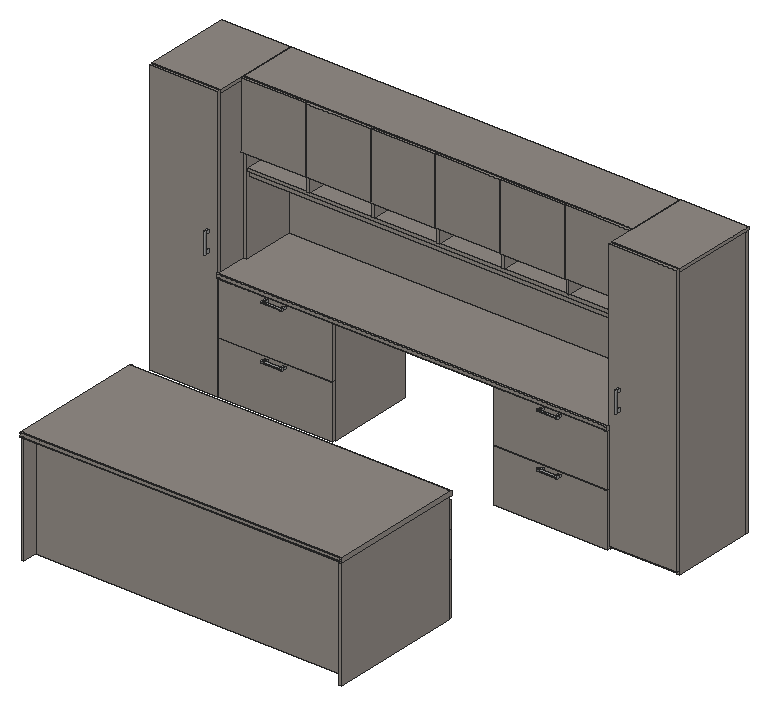
Revit family "JSI-Vision-Typical_Veneer-VST102-", category Furniture, Revit 2020
Family settings
  OmniClass Number = 23.40.20.00
  OmniClass Title = General Furniture and Specialties
  Work Plane-Based = No
  Always vertical = Yes
  Cut with Voids When Loaded = No
  Shared = No
  Room Calculation Point = No
Parameters (values of type "VST102")
  URL = "www.jsifurniture.com"
  Type Comments = "Typical Laminate"  # constant formula
  Model = "VST102"
  Manufacturer = "JSI"  # constant formula
  Keynote = "12500"
  Default Elevation = 0"
  Assembly Code = "E2020200"
Reference planes (in)
  plane 1 "Center Front/Back": y = 0
  plane 2: z = 0
  plane 3 "Center Left/Right": x = 0
Dimensions and locks (in)
  aligned and locked: level to plane 2
Nested families (in)
  nested 1: "JSI-Vision-Overhead_Cabinets_with_Cubbies" at (17.875, 0.125, -0.8125), type "VSV16102SOC, Veneer OH Cab. 16" x 102", 6 Doors w Cub"
    with Verticall Partition Distance 33.85417", Unit Centre 51", Width 102", Door Width Actual 16.83333", Door Array Spacing 16.95833", Door Width 16.83333", Bottom Partition Array Start Distance 16.89583", Bottom Partition Array Space 16.52083", Bottom Partition Array Distance 16.95833"
  nested 2: "JSI-Vision-Credenza_Top" at (17.875, 0, 28), type "VSV24102MCT - Veneer Credenza Top - 24" x 102""
    with Height 0", Width 102", Depth 24"
  nested 3: "JSI-Vision-Storage_Cabinet" at (119.875, 0.125, 0), type "VSV2418-72HR, Veneer 72" H Strg Cab24" x 18""
    with Width 17.88", Unit Centre 8.8775", Shelve Width 16.255", Shelve Depth 20.8175", Height 72", Depth 23.63", Adjustable Shelves Array Distance 12.91667", Actual Width 17.755", Actual Height 71 11/16", Actual Depth 22.505", # of Adjustable Shelves 3
  nested 4: "JSI-Vision-Wardrobe" at (0, 0.125, 0), type "VSV2418-72WL - Wardrobe - 1 Doors 30"W x 24"D x 72"H"
    with Vertical Partition no, Top-Right Shelve no, Width 18", Unit Centre 8 15/16", Shelve Width 7 13/16", Right surface Dist. to Vertical Partition 3/4", Right Door no, Pull Distance 15 1/4", Left Shelves no, Height 72", Hanging Bar Distance 6 3/4", Door Width 17 3/4", Bottom-Right Shelves yes, Adjustable Shelves Array Distance 13.95", Actual Width 17 7/8", Actual Height 71 11/16", # of Adjustable Shelves 4
  nested 5: "JSI-Vision-Modular_Lateral_File_Pedestal" at (17.75, 0.1875, 0), type "VSV3024MLF, Veneer Modular Lat F Ped"
    with Ped Depth 24"
  nested 6: "JSI-Vision-Modular_Lateral_File_Pedestal" at (89.75, 0.1875, 0), type "VSV3024MLF, Veneer Modular Lat F Ped"
    with Ped Depth 24"
  nested 7: "JSI-Vision-Double_Pedestal-Recessed_Modesty" at (76.68587, -91.10065, 0) x (-1, 0, 0) z (0, 0, 1), type "VSV3684DDF, Veneer 36 x 84 Dbl Ped Desk, Rcs Modesty"
    with Width 84", Height 30", Depth 36"
Definition of nested family "JSI-Vision-Overhead_Cabinets_with_Cubbies"
  Parameters (values of type "Overhead Cab. with Cubbies - Type Catalog Family")
    Verticall Partition Distance = (Door Width * 2) + 3/16"  # 29.85417"
    Unit Centre = Width / 2  # 45"
    Top = none
    Width = 90"
    URL = "www.jsifurniture.com"
    Type Comments = ""
    Tag = "6 Doors"
    Series = "Vision Casegoods"  # constant formula
    Right Vertical Partition = yes
    Overhead Height = 26 1/2"
    OH Elevation = 30"
    Model = "Type Catalog"
    Material = ""
    Manufacturer = "JSI"  # constant formula
    Left Vertical Partition = yes
    Keynote = "12500"  # constant formula
    JSI Enviromental Website = "http://www.jsifurniture.com/jsi_sustainability_intro.php"
    Height = 42"
    Grommet Finish = none
    Gromett Height = OH Elevation + 18 5/8"  # 48 5/8"
    Door Width Actual = if(# of Doors > 4, (((Width - 1")) / # of Doors), if(# of Doors > 3, (((Width - 1") / # of Doors) + 1/16"), if(# of Doors > 2, (((Width - 1 1/8" + 1/8") / # of Doors) + 1/8"), (((Width - 1 1/8" + 1/8") / # of Doors) + 1/4"))))  # 14.83333"
    Door Array Spacing = Door Width + 1/8"  # 14.95833"
    Door Width = Door Width Actual  # 14.83333"
    Door Front = none
    Door Align Spacing = 1/16"
    Description = "Type Catalog"
    Depth = 16"
    Default Elevation = 0"
    Chassis = none
    Bottom Partition Array Start Distance = if(# of Doors > 4, (((Width - 1") / # of Doors) + 1/16"), if(# of Doors > 3, (((Width - 1") / # of Doors) + 1/8"), if(# of Doors > 2, (((Width - 1") / # of Doors) + 3/16"), (((Width - 1") / # of Doors) + 1/4"))))  # 14.89583"
    Bottom Partition Array Space = Bottom Partition Array Start Distance - 3/8"  # 14.52083"
    Bottom Partition Array Distance = if(# of Doors > 2, (Verticall Partition Distance - Bottom Partition Array Start Distance), 0")  # 14.95833"
    Assembly Code = "E2020200"
    # of bottom Partition = if(# of Doors > 2, (# of Doors - 1), # of Doors)  # 5
    # of Doors = if(Width > 89", 6, (if(Width > 53", 4, (if(Width > 41", 3, (if(Width > 30", 2, 2)))))))  # 6
  Reference planes (in)
    plane 1 "Center Front/Back": y = 0
    plane 2: z = 0
    plane 3 "Center Left/Right": x = 0
    plane 4: z = 0
    plane 5: y = -0.125
    plane 6: x = 90
    plane 7: x = 0.125
    plane 8: x = 89.875
    plane 9: y = -15.5625
    plane 10: y = -16
    plane 11: z = 72.5
    plane 12: z = 72
    plane 13: x = 0.875
    plane 14: x = 89.125
    plane 15: y = -0.875
    plane 16: y = -0.9375
    plane 17: y = -1.6875
    plane 18: z = 71.75
    plane 19: z = 56.5
    plane 20: z = 57.25
    plane 21: z = 49
    plane 22: y = -14.8125
    plane 23: y = -14.0625
    plane 24: x = 0.1875
    plane 25: x = 89.8125
    plane 26: z = 72.4375
    plane 27: z = 55.1875
    plane 28: y = -15.6875
    plane 29: y = -16.4375
    plane 30: x = 45
    plane 31: x = 30.04167
    plane 32: x = 59.95833
    plane 33: x = 29.66667
    plane 34: x = 30.41667
    plane 35: x = 59.58333
    plane 36: x = 60.33333
    plane 37 "Not a Reference": x = 6.875
    plane 38: x = 83.125
    plane 39: z = 50.5
    plane 40: z = 51.25
    plane 41: x = 44.625
    plane 42: x = 45.375
    plane 43: x = 0.5
    plane 44: x = 89.5
    plane 45: x = 15.08333
    plane 46: x = 14.70833
    plane 47: x = 15.45833
    plane 48: z = 30
  Forms (in)
    Extrusion 1, solid, material <- "Chassis"
      sketch origin (0, 0, 0) x (1, 0, 0) y (0, 1, 0)
        loop
          line (0.125, -0.125) -> (0.125, -15.5625) -> (0.875, -15.5625) -> (0.875, -0.125) -> (0.125, -0.125)
      from 30 to 71.75
    Extrusion 2, solid, material <- "Chassis"
      sketch origin (0, 0, 0) x (1, 0, 0) y (0, 1, 0)
        loop
          line (89.875, -0.125) -> (89.125, -0.125) -> (89.125, -15.5625) -> (89.875, -15.5625) -> (89.875, -0.125)
      from 30 to 71.75
    Extrusion 3, solid, material <- "Top"
      sketch origin (0, 0, 0) x (1, 0, 0) y (0, 0, 1)
        loop
          line (0.125, 72.5) -> (0.125, 71.75) -> (89.875, 71.75) -> (89.875, 72.5) -> (0.125, 72.5)
      from 0.125 to 15.5625
    Extrusion 4, solid, material <- "Chassis"
      sketch origin (0, 0, 0) x (1, 0, 0) y (0, 0, 1)
        loop
          line (0.875, 57.25) -> (0.875, 56.5) -> (89.125, 56.5) -> (89.125, 57.25) -> (0.875, 57.25)
      from 1.6875 to 15.5625
    Extrusion 5, solid, material <- "Chassis"
      sketch origin (0, 0, 0) x (1, 0, 0) y (0, 1, 0)
        loop
          line (0.875, -14.0625) -> (0.875, -14.8125) -> (89.125, -14.8125) -> (89.125, -14.0625) -> (0.875, -14.0625)
      from 49 to 50.5
    Extrusion 6, solid, material <- "Door Front"
      sketch origin (-3.04167, 0, 31.5) x (1, 0, 0) y (0, 1, 0)
        loop
          line (3.22917, -15.6875) -> (3.22917, -16.4375) -> (18.0625, -16.4375) -> (18.0625, -15.6875) -> (3.22917, -15.6875)
      from 23.6875 to 40.9375
    Extrusion 7, solid, material <- "Door Front"
      sketch origin (11.91667, 0, 31.5) x (1, 0, 0) y (0, 1, 0)
        loop
          line (3.22917, -15.6875) -> (3.22917, -16.4375) -> (18.0625, -16.4375) -> (18.0625, -15.6875) -> (3.22917, -15.6875)
      from 23.6875 to 40.9375
    Extrusion 8, solid, material <- "Chassis", visible <- "Left Vertical Partition"
      sketch origin (0, 0, 0) x (1, 0, 0) y (0, 1, 0)
        loop
          line (29.66667, -1.6875) -> (29.66667, -15.5625) -> (30.41667, -15.5625) -> (30.41667, -1.6875) -> (29.66667, -1.6875)
      from 57.25 to 71.75
    Extrusion 9, solid, material <- "Chassis", visible <- "Right Vertical Partition"
      sketch origin (0, 0, 0) x (1, 0, 0) y (0, 1, 0)
        loop
          line (59.58333, -1.6875) -> (59.58333, -15.5625) -> (60.33333, -15.5625) -> (60.33333, -1.6875) -> (59.58333, -1.6875)
      from 57.25 to 71.75
    Extrusion 10, solid, material <- "Chassis"
      sketch origin (130.61992, -0.9375, 48) x (1, 0, 0) y (0, 0, 1)
        loop
          line (-129.74492, 23.75) -> (-129.74492, -18) -> (-41.49492, -18) -> (-41.49492, 23.75) -> (-129.74492, 23.75)
        loop
          circle (-120.11862, 1.90531) r 0.33402
        loop
          circle (-51.12122, 1.90531) r 0.33402
      from 0 to 0.75
    Extrusion 11, solid, material <- "Chassis"
      sketch origin (130.61992, -0.9375, 48) x (1, 0, 0) y (0, 0, 1)
        loop
          line (-129.74492, 2.5) -> (-41.49492, 2.5) -> (-41.49492, 3.25) -> (-129.74492, 3.25) -> (-129.74492, 2.5)
      from 0.75 to 14.625
    Extrusion 12, solid, material <- "Chassis"
      sketch origin (-3, 0, 30) x (1, 0, 0) y (0, 1, 0)
        loop
          line (17.70833, -1.6875) -> (17.70833, -15.5625) -> (18.45833, -15.5625) -> (18.45833, -1.6875) -> (17.70833, -1.6875)
      from 21.25 to 26.5
    Extrusion 13, solid, material <- "Chassis"
      sketch origin (11.95833, 0, 30) x (1, 0, 0) y (0, 1, 0)
        loop
          line (17.70833, -1.6875) -> (17.70833, -15.5625) -> (18.45833, -15.5625) -> (18.45833, -1.6875) -> (17.70833, -1.6875)
      from 21.25 to 26.5
    Extrusion 14, solid, material <- "Door Front"
      sketch origin (26.875, 0, 31.5) x (1, 0, 0) y (0, 1, 0)
        loop
          line (3.22917, -15.6875) -> (3.22917, -16.4375) -> (18.0625, -16.4375) -> (18.0625, -15.6875) -> (3.22917, -15.6875)
      from 23.6875 to 40.9375
    Extrusion 15, solid, material <- "Door Front"
      sketch origin (41.83333, 0, 31.5) x (1, 0, 0) y (0, 1, 0)
        loop
          line (3.22917, -15.6875) -> (3.22917, -16.4375) -> (18.0625, -16.4375) -> (18.0625, -15.6875) -> (3.22917, -15.6875)
      from 23.6875 to 40.9375
    Extrusion 16, solid, material <- "Door Front"
      sketch origin (56.79167, 0, 31.5) x (1, 0, 0) y (0, 1, 0)
        loop
          line (3.22917, -15.6875) -> (3.22917, -16.4375) -> (18.0625, -16.4375) -> (18.0625, -15.6875) -> (3.22917, -15.6875)
      from 23.6875 to 40.9375
    Extrusion 17, solid, material <- "Door Front"
      sketch origin (71.75, 0, 31.5) x (1, 0, 0) y (0, 1, 0)
        loop
          line (3.22917, -15.6875) -> (3.22917, -16.4375) -> (18.0625, -16.4375) -> (18.0625, -15.6875) -> (3.22917, -15.6875)
      from 23.6875 to 40.9375
    Extrusion 18, solid, material <- "Chassis"
      sketch origin (26.91667, 0, 30) x (1, 0, 0) y (0, 1, 0)
        loop
          line (17.70833, -1.6875) -> (17.70833, -15.5625) -> (18.45833, -15.5625) -> (18.45833, -1.6875) -> (17.70833, -1.6875)
      from 21.25 to 26.5
    Extrusion 19, solid, material <- "Chassis"
      sketch origin (41.875, 0, 30) x (1, 0, 0) y (0, 1, 0)
        loop
          line (17.70833, -1.6875) -> (17.70833, -15.5625) -> (18.45833, -15.5625) -> (18.45833, -1.6875) -> (17.70833, -1.6875)
      from 21.25 to 26.5
    Extrusion 20, solid, material <- "Chassis"
      sketch origin (56.83333, 0, 30) x (1, 0, 0) y (0, 1, 0)
        loop
          line (17.70833, -1.6875) -> (17.70833, -15.5625) -> (18.45833, -15.5625) -> (18.45833, -1.6875) -> (17.70833, -1.6875)
      from 21.25 to 26.5
  Lines and regions (in)
    symbolic lines
      curve 1: line (89.875, -0.125, 0) -> (0.125, -0.125, 0)
      curve 2: line (0.125, -0.125, 0) -> (0.125, -15.5625, 0)
      curve 3: line (0.125, -15.5625, 0) -> (89.875, -15.5625, 0)
      curve 4: line (89.875, -15.5625, 0) -> (89.875, -0.125, 0)
      curve 5: line (0.1875, -15.6875, 0) -> (15.02083, -15.6875, 0)
      curve 6: line (0.1875, -16.4375, 0) -> (0.1875, -15.6875, 0)
      curve 7: line (15.02083, -16.4375, 0) -> (0.1875, -16.4375, 0)
      curve 8: line (15.02083, -15.6875, 0) -> (15.02083, -16.4375, 0)
      curve 9: line (15.14583, -15.6875, 0) -> (29.97917, -15.6875, 0)
      curve 10: line (15.14583, -16.4375, 0) -> (15.14583, -15.6875, 0)
      curve 11: line (29.97917, -16.4375, 0) -> (15.14583, -16.4375, 0)
      curve 12: line (29.97917, -15.6875, 0) -> (29.97917, -16.4375, 0)
      curve 13: line (30.10417, -15.6875, 0) -> (44.9375, -15.6875, 0)
      curve 14: line (30.10417, -16.4375, 0) -> (30.10417, -15.6875, 0)
      curve 15: line (44.9375, -16.4375, 0) -> (30.10417, -16.4375, 0)
      curve 16: line (44.9375, -15.6875, 0) -> (44.9375, -16.4375, 0)
      curve 17: line (45.0625, -15.6875, 0) -> (59.89583, -15.6875, 0)
      curve 18: line (45.0625, -16.4375, 0) -> (45.0625, -15.6875, 0)
      curve 19: line (59.89583, -16.4375, 0) -> (45.0625, -16.4375, 0)
      curve 20: line (59.89583, -15.6875, 0) -> (59.89583, -16.4375, 0)
      curve 21: line (60.02083, -15.6875, 0) -> (74.85417, -15.6875, 0)
      curve 22: line (60.02083, -16.4375, 0) -> (60.02083, -15.6875, 0)
      curve 23: line (74.85417, -16.4375, 0) -> (60.02083, -16.4375, 0)
      curve 24: line (74.85417, -15.6875, 0) -> (74.85417, -16.4375, 0)
      curve 25: line (74.97917, -15.6875, 0) -> (89.8125, -15.6875, 0)
      curve 26: line (74.97917, -16.4375, 0) -> (74.97917, -15.6875, 0)
      curve 27: line (89.8125, -16.4375, 0) -> (74.97917, -16.4375, 0)
      curve 28: line (89.8125, -15.6875, 0) -> (89.8125, -16.4375, 0)
  Dimensions and locks (in)
    locked: plane 3 "Center Left/Right" to plane 7 at 0.125
    locked: plane 8 to plane 6 at 0.125
    locked: plane 5 to plane 1 "Center Front/Back" at 0.125
    plane 10 to plane 9 to plane 22 to plane 23 = 7/16" locked, 3/4" locked, 3/4" locked
    "Width": plane 3 "Center Left/Right" to plane 6
    "Depth": plane 10 to plane 1 "Center Front/Back"
    locked: plane 11 to plane 12 at 0.5
    locked: plane 7 to plane 13 at 0.75
    locked: plane 14 to plane 8 at 0.75
    locked: plane 15 to plane 5 at 0.75
    plane 17 to plane 16 to plane 5 = 3/4" locked, 13/16" locked
    locked: plane 11 to plane 18 at 0.75
    locked: plane 20 to plane 19 at 0.75
    plane 18 to plane 20 = 14 1/2"
    locked: plane 11 to plane 26 at 0.0625
    locked: plane 19 to plane 27 at 1.3125
    plane 29 to plane 28 to plane 9 = 3/4" locked, 1/8" locked
    "Door Width": Extrusion 6 sketch curve to Extrusion 6 sketch curve
    "Door Width": Extrusion 7 sketch curve to Extrusion 7 sketch curve
    equal spacing: group 1, group 2, group 5, group 6, group 7, group 8  (x3)
    "Door Array Spacing": Extrusion 6 to Extrusion 7
    "Verticall Partition Distance": plane 24 to plane 31
    plane 33 to plane 31 to plane 34 = 3/8" locked, 3/8" locked
    plane 35 to plane 32 to plane 36 = 3/8" locked, 3/8" locked
    "Verticall Partition Distance": plane 32 to plane 25
    "Unit Centre": plane 3 "Center Left/Right" to plane 30
    locked: plane 13 to plane 37 "Not a Reference" at 6
    locked: plane 38 to plane 14 at 6
    "Door Align Spacing": plane 7 to plane 24
    "Door Align Spacing": plane 25 to plane 8
    locked: plane 19 to plane 39 at 6
    plane 40 to plane 39 to plane 21 = 3/4" locked, 1 1/2" locked
    locked: plane 43 to plane 13 at 0.375
    locked: plane 14 to plane 44 at 0.375
    "Bottom Partition Array Start Distance": plane 24 to plane 45
    plane 46 to plane 45 to plane 47 = 3/8" locked, 3/8" locked
    equal spacing: group 3, group 4, group 9, group 10, group 11  (x3)
    "Bottom Partition Array Distance": Extrusion 12 to Extrusion 13
    "Bottom Partition Array Space": plane 24 to Extrusion 12
    plane 41 to plane 30 to plane 42 = 3/8" locked, 3/8" locked
    "OH Elevation": plane 48 to plane 4
    "Height": plane 12 to plane 48
    "Overhead Height": plane 19 to plane 48
    "Door Width": Extrusion 14 sketch curve to Extrusion 14 sketch curve
    "Door Width": Extrusion 15 sketch curve to Extrusion 15 sketch curve
    "Door Width": Extrusion 16 sketch curve to Extrusion 16 sketch curve
    "Door Width": Extrusion 17 sketch curve to Extrusion 17 sketch curve
    locked: Extrusion 10 sketch curve to Extrusion 1 at 9.6263
    locked: Extrusion 10 sketch curve to Extrusion 10 sketch curve at 21.84469  (x2)
    locked: Extrusion 10 sketch curve to Extrusion 10 sketch curve at 9.6263
    aligned and locked: level to plane 2
    aligned and locked: plane 5 to Extrusion 1 sketch curve
    aligned and locked: plane 7 to Extrusion 1 sketch curve
    aligned and locked: Extrusion 1 sketch curve to plane 13
    aligned and locked: Extrusion 2 sketch curve to plane 5
    aligned and locked: plane 8 to Extrusion 2 sketch curve
    aligned and locked: Extrusion 2 sketch curve to plane 14
    aligned and locked: Extrusion 3 sketch curve to plane 11
    aligned and locked: plane 7 to Extrusion 3 sketch curve
    aligned and locked: Extrusion 3 to plane 5
    aligned and locked: plane 9 to Extrusion 1
    aligned and locked: plane 9 to Extrusion 2
    aligned and locked: plane 9 to Extrusion 3
    aligned and locked: Extrusion 4 sketch curve to plane 20
    aligned and locked: plane 13 to Extrusion 4 sketch curve
    aligned and locked: plane 19 to Extrusion 4 sketch curve
    aligned and locked: Extrusion 4 sketch curve to plane 14
    aligned and locked: Extrusion 4 to plane 17
    aligned and locked: plane 9 to Extrusion 4
    aligned and locked: plane 23 to Extrusion 5 sketch curve
    aligned and locked: plane 13 to Extrusion 5 sketch curve
    aligned and locked: Extrusion 5 sketch curve to plane 22
    aligned and locked: Extrusion 5 sketch curve to plane 14
    aligned and locked: Extrusion 5 to plane 21
    aligned and locked: Extrusion 6 to plane 24
    aligned and locked: plane 17 to Extrusion 8 sketch curve
    aligned and locked: plane 33 to Extrusion 8 sketch curve
    aligned and locked: Extrusion 8 sketch curve to plane 9
    aligned and locked: Extrusion 8 sketch curve to plane 34
    aligned and locked: plane 17 to Extrusion 9 sketch curve
    aligned and locked: plane 35 to Extrusion 9 sketch curve
    aligned and locked: Extrusion 9 sketch curve to plane 9
    aligned and locked: Extrusion 9 sketch curve to plane 36
    aligned and locked: plane 18 to Extrusion 8
    aligned and locked: Extrusion 8 to plane 20
    aligned and locked: plane 18 to Extrusion 9
    aligned and locked: Extrusion 9 to plane 20
    aligned and locked: Extrusion 1 to Extrusion 10 sketch curve
    aligned and locked: Extrusion 10 sketch curve to Extrusion 1
    aligned and locked: Extrusion 10 sketch curve to Extrusion 2
    aligned and locked: Extrusion 10 to plane 16
    aligned and locked: plane 17 to Extrusion 10
    aligned and locked: Extrusion 6 to plane 27
    aligned and locked: Extrusion 11 sketch curve to plane 39
    aligned and locked: Extrusion 11 sketch curve to plane 40
    aligned and locked: Extrusion 11 sketch curve to plane 13
    aligned and locked: Extrusion 11 sketch curve to plane 14
    aligned and locked: Extrusion 11 to plane 17
    aligned and locked: plane 9 to Extrusion 11
    aligned and locked: plane 39 to Extrusion 5
    aligned and locked: Extrusion 12 to plane 40
    aligned and locked: plane 19 to Extrusion 12
    aligned and locked: plane 30 to nested 1
    aligned and locked: plane 29 to nested 1
    aligned and locked: plane 27 to Extrusion 6  (x3)
    aligned and locked: Extrusion 7 to plane 27
    aligned and locked: Extrusion 12 to plane 19  (x2)
    aligned and locked: plane 40 to Extrusion 12  (x2)
    aligned and locked: plane 19 to Extrusion 13
    aligned and locked: Extrusion 13 to plane 40
    aligned and locked: plane 18 to Extrusion 2
    aligned and locked: plane 18 to Extrusion 1
    aligned and locked: plane 26 to Extrusion 6
    aligned and locked: curve 1 to Extrusion 3
    aligned and locked: curve 2 to Extrusion 3
    aligned and locked: curve 3 to Extrusion 3
    aligned and locked: curve 4 to Extrusion 3
    aligned and locked: plane 26 to Extrusion 7
    aligned and locked: Extrusion 13 to plane 19
    aligned and locked: plane 40 to Extrusion 13
    aligned and locked: Extrusion 1 to plane 48
    aligned and locked: Extrusion 2 to plane 48
    aligned and locked: Extrusion 10 sketch curve to plane 48
    aligned and locked: curve 5 to Extrusion 6
    aligned and locked: curve 6 to Extrusion 6
    aligned and locked: curve 7 to Extrusion 6
    aligned and locked: curve 8 to Extrusion 6
    aligned and locked: curve 9 to Extrusion 7
    aligned and locked: curve 10 to Extrusion 7
    aligned and locked: curve 11 to Extrusion 7
    aligned and locked: curve 12 to Extrusion 7
    aligned and locked: curve 13 to Extrusion 14
    aligned and locked: curve 14 to Extrusion 14
    aligned and locked: curve 15 to Extrusion 14
    aligned and locked: curve 16 to Extrusion 14
    aligned and locked: curve 17 to Extrusion 15
    aligned and locked: curve 18 to Extrusion 15
    aligned and locked: curve 19 to Extrusion 15
    aligned and locked: curve 20 to Extrusion 15
    aligned and locked: curve 21 to Extrusion 16
    aligned and locked: curve 22 to Extrusion 16
    aligned and locked: curve 23 to Extrusion 16
    aligned and locked: curve 24 to Extrusion 16
    aligned and locked: curve 25 to Extrusion 17
    aligned and locked: curve 26 to Extrusion 17
    aligned and locked: curve 27 to Extrusion 17
    aligned and locked: curve 28 to Extrusion 17
  Automatic sketch dimensions
    Extrusion 1 sketch curve to plane 10 = 7/16"
    Extrusion 3 sketch curve to plane 8 = 0"
    Extrusion 3 sketch curve to plane 18 = 0"
    plane 9 to Extrusion 2 sketch curve = 0"
    Extrusion 6 sketch curve to Extrusion 6 sketch curve = 3/4"
    Extrusion 7 sketch curve to Extrusion 7 sketch curve = 3/4"
    Extrusion 12 sketch curve to Extrusion 12 sketch curve = 3/4"
    Extrusion 12 sketch curve to Extrusion 12 sketch curve = 13 7/8"
    Extrusion 13 sketch curve to Extrusion 13 sketch curve = 3/4"
    Extrusion 13 sketch curve to Extrusion 13 sketch curve = 13 7/8"
    Extrusion 14 sketch curve to Extrusion 14 sketch curve = 3/4"
    Extrusion 15 sketch curve to Extrusion 15 sketch curve = 3/4"
    Extrusion 16 sketch curve to Extrusion 16 sketch curve = 3/4"
    Extrusion 17 sketch curve to Extrusion 17 sketch curve = 3/4"
    Extrusion 18 sketch curve to Extrusion 18 sketch curve = 3/4"
    Extrusion 18 sketch curve to Extrusion 18 sketch curve = 13 7/8"
    Extrusion 19 sketch curve to Extrusion 19 sketch curve = 3/4"
    Extrusion 19 sketch curve to Extrusion 19 sketch curve = 13 7/8"
    Extrusion 20 sketch curve to Extrusion 20 sketch curve = 3/4"
    Extrusion 20 sketch curve to Extrusion 20 sketch curve = 13 7/8"
    curve 6 to curve 7 = 14.83333"
    curve 6 to curve 6 = 3/4"
    curve 10 to curve 11 = 14.83333"
    curve 10 to curve 10 = 3/4"
    curve 14 to curve 15 = 14.83333"
    curve 14 to curve 14 = 3/4"
    curve 18 to curve 19 = 14.83333"
    curve 18 to curve 18 = 3/4"
    curve 22 to curve 23 = 14.83333"
    curve 22 to curve 22 = 3/4"
    curve 26 to curve 27 = 14.83333"
    curve 26 to curve 26 = 3/4"
    radius of Extrusion 10 sketch curve = 0.33402"  (x2)
  Nested families (in)
    nested 1: "Label 1-16 OH" at (45, -16.4375, 0), type "OH DOORS"
  Definition of nested family "Label 1-16 OH"
    Parameters
      Width = 1"
      Model Name = "XX"
    Reference planes (in)
      plane 1: y = 0
      plane 2: x = 0
    Text (in)
      label "XX" at (0.00051, -0.12324, 0), shows "Model Name"
Definition of nested family "JSI-Vision-Credenza_Top"
  Parameters (values of type "Type Catalog")
    Worksurface = none
    Width = 30"
    URL = "www.jsifurniture.com"
    Type Comments = ""
    Series = "Vision Casegoods"  # constant formula
    Model = "Type Catalog"
    Material = ""
    Manufacturer = "JSI"  # constant formula
    Keynote = "12500"
    JSI Enviromental Website = "http://www.jsifurniture.com/jsi_sustainability_intro.php"
    Height [instance] = 0"
    Description = "Type Catalog"
    Depth = 20"
    Default Elevation = 0"
    Assembly Code = "E2020200"
  Reference planes (in)
    plane 1 "Center Front/Back": y = 0
    plane 2: z = 0
    plane 3 "Center Left/Right": x = 0
    plane 4: z = 0
    plane 5: x = 30
    plane 6: y = -20
    plane 7: z = 1.1875
    plane 8: z = 0
  Forms (in)
    Extrusion 1, solid, material <- "Worksurface"
      sketch origin (0, 0, 28) x (0, 1, 0) y (0, 0, 1)
        loop
          line (-19.88189, -28) -> (0, -28) -> (0, -26.8125) -> (-19.88189, -26.8125)
          arc (-19.88189, -26.8125) -> (-19.96541, -26.84709) -> (-20, -26.93061) r 0.11811
          line (-20, -26.93061) -> (-20, -27.88189)
          arc (-20, -27.88189) -> (-19.96541, -27.96541) -> (-19.88189, -28) r 0.11811
      from 0 to 30
  Lines and regions (in)
    symbolic lines
      curve 1: line (0, 0, 0) -> (30, 0, 0)
      curve 2: line (0, -20, 0) -> (0, 0, 0)
      curve 3: line (30, -20, 0) -> (0, -20, 0)
      curve 4: line (30, 0, 0) -> (30, -20, 0)
  Dimensions and locks (in)
    "Depth": plane 6 to plane 1 "Center Front/Back"
    "Width": plane 5 to plane 3 "Center Left/Right"
    locked: plane 7 to plane 8 at 1.1875
    "Height": plane 8 to level
    aligned and locked: level to plane 2
    aligned and locked: plane 5 to Extrusion 1
    aligned and locked: curve 1 to Extrusion 1
    aligned and locked: curve 2 to Extrusion 1
    aligned and locked: plane 6 to curve 3
    aligned and locked: curve 4 to plane 5
    aligned and locked: Extrusion 1 to plane 8
    aligned and locked: plane 7 to Extrusion 1
  Automatic sketch dimensions
    Extrusion 1 sketch curve to plane 6 = 0"
    level to Extrusion 1 sketch curve = 0"
    Extrusion 1 sketch curve to plane 7 = 0"
    Extrusion 1 sketch curve to plane 1 "Center Front/Back" = 0"
    Extrusion 1 sketch curve to Extrusion 1 sketch curve = 0.11811"
    plane 6 to Extrusion 1 sketch curve = 0.11811"
Definition of nested family "JSI-Vision-Storage_Cabinet"
  Parameters (values of type "Type Catalog")
    Top = none
    Width = 18"
    Unit Centre = Actual Width / 2  # 8 15/16"
    URL = "www.jsifurniture.com"
    Type Comments = ""
    Tag = "Type Catalog"
    Shelve Width = Actual Width - 1 1/2"  # 16 3/8"
    Shelve Depth = Actual Depth - 1 11/16"  # 21 3/16"
    Series = "Vision Casegoods"  # constant formula
    Pull Position = 36"
    Pull Finish = none
    Pull Distance = if(HRL, (Actual Width - 2 5/8"), 2 1/2")  # 2 1/2"
    Model = "Type Catalog"
    Material = ""
    Manufacturer = "JSI"  # constant formula
    Keynote = "12500"  # constant formula
    JSI Enviromental Website = "http://www.jsifurniture.com/jsi_sustainability_intro.php"
    Height = 84"
    HRL = no
    Fix Shelve = 14 3/4"  # constant formula
    Door Front = none
    Description = "Type Catalog"
    Depth = 24"
    Default Elevation = 0"
    Chassis = none
    Bottom Adjustable Shelve = Fix Shelve * 2  # 29 1/2"
    Assembly Code = "E2020200"
    Adjustable Shelves Array Distance = if(Height > 42", ((Height - 3 3/4" - (Fix Shelve * 2)) / (# of Adjustable Shelves)), 0")  # 12 11/16"
    Actual Width = Width - 1/8"  # 17 7/8"
    Actual Height = if(Height > 54", (Height - 5/16"), (if(Height > 42", (Height + 1 1/8"), if(Height > 30", (Height - 3/8"), (Height - 13/16")))))  # 83 11/16"
    Actual Depth = Depth - 1 1/8"  # 22 7/8"
    # of Adjustable Shelves = if(Height > 72", 4, (if(Height > 57", 3, 2)))  # 4
  Reference planes (in)
    plane 1 "Center Front/Back": y = 0
    plane 2: z = 0
    plane 3 "Center Left/Right": x = 0
    plane 4: z = 0
    plane 5: x = 17.875
    plane 6: y = -0.125
    plane 7: y = -23
    plane 8: z = 83.6875
    plane 9: y = -0.875
    plane 10: y = -22.8125
    plane 11: y = -22.0625
    plane 12: x = 0.75
    plane 13: x = 17.125
    plane 14: z = 1.1875
    plane 15: z = 1.9375
    plane 16: z = 82.9375
    plane 17: z = 83.3125
    plane 18: z = 17.0625
    plane 19: z = 32.5625
    plane 20: z = 42.625
    plane 21: z = 56.1875
    plane 22: z = 69.75
    plane 23: z = 70.125
    plane 24: z = 69.375
    plane 25: z = 56.5625
    plane 26: z = 55.8125
    plane 27: z = 43
    plane 28: z = 42.25
    plane 29: z = 32.9375
    plane 30: z = 32.1875
    plane 31: z = 17.4375
    plane 32: z = 16.6875
    plane 33: x = 8.9375
    plane 34: x = 0.0625
    plane 35: x = 17.8125
    plane 36: x = 9
    plane 37: x = 8.875
    plane 38: z = 1.03125
    plane 39: y = -23.125
    plane 40: y = -23.875
    plane 41: x = 2.5625
    plane 42: z = 30.9375
    plane 43: z = 83.625
    plane 44: z = 36
    plane 45: y = -23
  Forms (in)
    Extrusion 1, solid, material <- "Chassis"
      sketch origin (0, 0, 0) x (1, 0, 0) y (0, 1, 0)
        loop
          line (0, -0.125) -> (0, -0.875) -> (17.875, -0.875) -> (17.875, -0.125) -> (0, -0.125)
      from 0 to 82.9375
    Extrusion 2, solid, material <- "Chassis"
      sketch origin (0, 0, 0) x (1, 0, 0) y (0, 1, 0)
        loop
          line (0, -0.875) -> (0, -23) -> (0.75, -23) -> (0.75, -0.875) -> (0, -0.875)
      from 0 to 82.9375
    Extrusion 3, solid, material <- "Chassis"
      sketch origin (0, 0, 0) x (1, 0, 0) y (0, 1, 0)
        loop
          line (17.125, -0.875) -> (17.125, -23) -> (17.875, -23) -> (17.875, -0.875) -> (17.125, -0.875)
      from 0 to 82.9375
    Extrusion 4, solid, material <- "Top"
      sketch origin (0, 0, 0) x (0, 1, 0) y (0, 0, 1)
        loop
          line (-0.125, 83.6875) -> (-23, 83.6875) -> (-23, 82.9375) -> (-0.125, 82.9375) -> (-0.125, 83.6875)
      from 0 to 17.875
    Extrusion 5, solid, material <- "Chassis"
      sketch origin (0, 0, 0) x (0, 1, 0) y (0, 0, 1)
        loop
          line (-0.875, 1.9375) -> (-22.0625, 1.9375) -> (-22.0625, 1.1875) -> (-0.875, 1.1875) -> (-0.875, 1.9375)
      from 0.75 to 17.125
    Extrusion 6, solid, material <- "Chassis"
      sketch origin (0, 0, 0) x (0, 1, 0) y (0, 0, 1)
        loop
          line (-22.0625, 1.9375) -> (-22.8125, 1.9375) -> (-22.8125, 0) -> (-22.0625, 0) -> (-22.0625, 1.9375)
      from 0.75 to 17.125
    Extrusion 7, solid, material <- "Chassis"
      sketch origin (0, 0, 0) x (1, 0, 0) y (0, 0, 1)
        loop
          line (0.75, 17.4375) -> (0.75, 16.6875) -> (17.125, 16.6875) -> (17.125, 17.4375) -> (0.75, 17.4375)
      from 0.875 to 22.0625
    Extrusion 8, solid, material <- "Chassis"
      sketch origin (-30, -7.4375, 2) x (1, 0, 0) y (0, 0, 1)
        loop
          line (30.75, 29.4375) -> (30.75, 28.6875) -> (47.125, 28.6875) -> (47.125, 29.4375) -> (30.75, 29.4375)
      from -6.5625 to 14.625
    Extrusion 9, solid, material <- "Chassis"
      sketch origin (-30, -7.4375, 14.6875) x (1, 0, 0) y (0, 0, 1)
        loop
          line (30.75, 29.4375) -> (30.75, 28.6875) -> (47.125, 28.6875) -> (47.125, 29.4375) -> (30.75, 29.4375)
      from -6.5625 to 14.625
    Extrusion 10, solid, material <- "Door Front"
      sketch origin (0, 0, 0) x (1, 0, 0) y (0, 1, 0)
        loop
          line (0.0625, -23.125) -> (0.0625, -23.875) -> (17.8125, -23.875) -> (17.8125, -23.125) -> (0.0625, -23.125)
      from 1.03125 to 83.625
    Extrusion 11, solid, material <- "Chassis"
      sketch origin (-30, -7.4375, 27.375) x (1, 0, 0) y (0, 0, 1)
        loop
          line (30.75, 29.4375) -> (30.75, 28.6875) -> (47.125, 28.6875) -> (47.125, 29.4375) -> (30.75, 29.4375)
      from -6.5625 to 14.625
    Extrusion 12, solid, material <- "Chassis"
      sketch origin (-30, -7.4375, 40.0625) x (1, 0, 0) y (0, 0, 1)
        loop
          line (30.75, 29.4375) -> (30.75, 28.6875) -> (47.125, 28.6875) -> (47.125, 29.4375) -> (30.75, 29.4375)
      from -6.5625 to 14.625
  Lines and regions (in)
    symbolic lines
      curve 1: line (17.875, -0.125, 0) -> (0, -0.125, 0)
      curve 2: line (0, -0.125, 0) -> (0, -23, 0)
      curve 3: line (0, -23, 0) -> (17.875, -23, 0)
      curve 4: line (17.875, -23, 0) -> (17.875, -0.125, 0)
      curve 5: line (17.8125, -23.875, 0) -> (17.8125, -23.125, 0)
      curve 6: line (17.8125, -23.125, 0) -> (0.0625, -23.125, 0)
      curve 7: line (0.0625, -23.875, 0) -> (17.8125, -23.875, 0)
      curve 8: line (0.0625, -23.125, 0) -> (0.0625, -23.875, 0)
  Dimensions and locks (in)
    locked: plane 6 to plane 1 "Center Front/Back" at 0.125
    plane 7 to plane 10 to plane 11 = 3/16" locked, 3/4" locked
    locked: plane 3 "Center Left/Right" to plane 12 at 0.75
    locked: plane 13 to plane 5 at 0.75
    plane 15 to plane 14 to plane 4 = 3/4" locked, 1 3/16" locked
    locked: plane 8 to plane 16 at 0.75
    locked: plane 17 to plane 16 at 0.375
    plane 23 to plane 22 to plane 24 = 3/8" locked, 3/8" locked
    plane 25 to plane 21 to plane 26 = 3/8" locked, 3/8" locked
    plane 27 to plane 20 to plane 28 = 3/8" locked, 3/8" locked
    plane 29 to plane 19 to plane 30 = 3/8" locked, 3/8" locked
    plane 31 to plane 18 to plane 32 = 3/8" locked, 3/8" locked
    "Fix Shelve": plane 32 to plane 15
    equal spacing: plane 30, plane 18, plane 15
    "Actual Width": plane 3 "Center Left/Right" to plane 5
    equal spacing: group 1, group 2, group 3, group 4  (x3)
    "Adjustable Shelves Array Distance": Extrusion 9 to Extrusion 8
    "Bottom Adjustable Shelve": Extrusion 8 to plane 15
    "Shelve Width": Extrusion 8 sketch curve to Extrusion 8 sketch curve
    "Shelve Width": Extrusion 9 sketch curve to Extrusion 9 sketch curve
    "Unit Centre": plane 3 "Center Left/Right" to plane 33
    "Actual Height": plane 8 to plane 4
    locked: plane 3 "Center Left/Right" to plane 34 at 0.0625
    plane 37 to plane 33 to plane 36 = 1/16" locked, 1/16" locked
    locked: plane 35 to plane 5 at 0.0625
    locked: plane 14 to plane 38 at 0.15625
    plane 40 to plane 39 to plane 7 = 3/4" locked, 1/8" locked
    locked: plane 29 to plane 42 at 2
    locked: plane 8 to plane 43 at 0.0625
    "Pull Position": plane 44 to level
    "Pull Distance": plane 34 to plane 41
    "Shelve Depth": Extrusion 8 to Extrusion 8
    "Actual Depth": plane 7 to plane 6
    "Shelve Depth": Extrusion 9 to Extrusion 9
    "Shelve Width": Extrusion 11 sketch curve to Extrusion 11 sketch curve
    "Shelve Depth": Extrusion 11 to Extrusion 11
    "Shelve Width": Extrusion 12 sketch curve to Extrusion 12 sketch curve
    "Shelve Depth": Extrusion 12 to Extrusion 12
    aligned and locked: level to plane 2
    aligned and locked: plane 6 to Extrusion 1 sketch curve
    aligned and locked: Extrusion 1 sketch curve to plane 9
    aligned and locked: Extrusion 1 sketch curve to plane 5
    aligned and locked: plane 3 "Center Left/Right" to Extrusion 1 sketch curve
    aligned and locked: Extrusion 1 to plane 4
    aligned and locked: plane 16 to Extrusion 1
    aligned and locked: plane 3 "Center Left/Right" to Extrusion 2 sketch curve
    aligned and locked: Extrusion 2 sketch curve to plane 12
    aligned and locked: Extrusion 2 sketch curve to plane 7
    aligned and locked: plane 9 to Extrusion 2 sketch curve
    aligned and locked: plane 13 to Extrusion 3 sketch curve
    aligned and locked: Extrusion 3 sketch curve to plane 5
    aligned and locked: Extrusion 3 sketch curve to plane 7
    aligned and locked: plane 9 to Extrusion 3 sketch curve
    aligned and locked: Extrusion 2 to plane 4
    aligned and locked: Extrusion 3 to plane 4
    aligned and locked: plane 16 to Extrusion 2
    aligned and locked: plane 16 to Extrusion 3
    aligned and locked: plane 16 to Extrusion 4 sketch curve
    aligned and locked: Extrusion 4 sketch curve to plane 8
    aligned and locked: plane 6 to Extrusion 4 sketch curve
    aligned and locked: Extrusion 4 sketch curve to plane 7
    aligned and locked: Extrusion 4 to plane 3 "Center Left/Right"
    aligned and locked: plane 5 to Extrusion 4
    aligned and locked: Extrusion 5 sketch curve to plane 11
    aligned and locked: plane 14 to Extrusion 5 sketch curve
    aligned and locked: Extrusion 5 sketch curve to plane 15
    aligned and locked: plane 9 to Extrusion 5 sketch curve
    aligned and locked: Extrusion 5 to plane 12
    aligned and locked: plane 13 to Extrusion 5
    aligned and locked: plane 11 to Extrusion 6 sketch curve
    aligned and locked: Extrusion 6 sketch curve to plane 10
    aligned and locked: plane 4 to Extrusion 6 sketch curve
    aligned and locked: Extrusion 6 sketch curve to plane 15
    aligned and locked: Extrusion 6 to plane 12
    aligned and locked: plane 13 to Extrusion 6
    aligned and locked: level to plane 4
    aligned and locked: Extrusion 7 sketch curve to plane 31
    aligned and locked: plane 32 to Extrusion 7 sketch curve
    aligned and locked: Extrusion 7 sketch curve to plane 13
    aligned and locked: plane 12 to Extrusion 7 sketch curve
    aligned and locked: Extrusion 7 to plane 9
    aligned and locked: plane 11 to Extrusion 7
    aligned and locked: Extrusion 8 to plane 12
    aligned and locked: Extrusion 9 to plane 12
    aligned and locked: plane 33 to nested 1
    aligned and locked: plane 40 to nested 1
    aligned and locked: plane 39 to Extrusion 10 sketch curve
    aligned and locked: Extrusion 10 sketch curve to plane 40
    aligned and locked: plane 34 to Extrusion 10 sketch curve
    aligned and locked: Extrusion 10 to plane 38
    aligned and locked: plane 35 to Extrusion 10
    aligned and locked: plane 43 to Extrusion 10
    aligned and locked: plane 44 to nested 2
    aligned and locked: plane 41 to nested 2
    aligned and locked: plane 40 to nested 2
    aligned and locked: plane 11 to Extrusion 8
    aligned and locked: plane 11 to Extrusion 9
    aligned and locked: curve 1 to Extrusion 4
    aligned and locked: curve 2 to Extrusion 4
    aligned and locked: curve 3 to Extrusion 4
    aligned and locked: curve 4 to Extrusion 4
    aligned and locked: curve 5 to Extrusion 10
    aligned and locked: curve 6 to Extrusion 10
    aligned and locked: curve 7 to Extrusion 10
    aligned and locked: curve 8 to Extrusion 10
  Automatic sketch dimensions
    Extrusion 8 sketch curve to Extrusion 8 sketch curve = 3/4"
    Extrusion 9 sketch curve to Extrusion 9 sketch curve = 3/4"
    plane 37 to Extrusion 10 sketch curve = 8 15/16"
    Extrusion 11 sketch curve to Extrusion 11 sketch curve = 3/4"
    Extrusion 12 sketch curve to Extrusion 12 sketch curve = 3/4"
  Nested families (in)
    nested 1: "Label 1-16 OH" at (8.9375, -23.875, 0), type "OH DOORS"
    nested 2: "Vertical Bar Pull" at (2.5625, -23.875, 36), Pull Finish <- "Pull Finish", type "PL"
      with Pull Finish none
  Definition of nested family "Vertical Bar Pull"
    Parameters
      Pull Finish [instance] = none
      Default Elevation = 0"
    Reference planes (in)
      plane 1 "Center Front/Back": y = 0
      plane 2: z = 0
      plane 3 "Center Left/Right": x = 0
      plane 4: x = -2.68731
      plane 5: x = -1.88731
      plane 6: x = 2.68731
      plane 7: x = 1.88731
      plane 8: y = -1
      plane 9: y = -0.85202
      plane 10: z = 2.68731
      plane 11: z = 1.88731
      plane 12: z = -1.88731
      plane 13: z = -2.68731
    Forms (in)
      Extrusion 1, solid, material <- "Pull Finish"
        sketch origin (0, 0, 0) x (0, 1, 0) y (-1, 0, 0)
          loop
            line (0, -0.2015) -> (0, 0.2015) -> (-0.85202, 0.2015)
            arc (-0.85202, 0.2015) -> (-0.75, 0) -> (-0.85202, -0.2015) r 0.25
            line (-0.85202, -0.2015) -> (0, -0.2015)
        from 1.88731 to 2.68731
      Extrusion 2, solid, material <- "Pull Finish"
        sketch origin (0, 0, 0) x (0, 1, 0) y (-1, 0, 0)
          loop
            circle (-1, 0) r 0.25
        from -2.68731 to 2.68731
      Extrusion 3, solid, material <- "Pull Finish"
        sketch origin (0, 0, 0) x (1, 0, 0) y (0, 1, 0)
          loop
            line (0.2015, 0) -> (-0.2015, 0) -> (-0.2015, -0.85202)
            arc (-0.2015, -0.85202) -> (0, -0.75) -> (0.2015, -0.85202) r 0.25
            line (0.2015, -0.85202) -> (0.2015, 0)
        from 1.88731 to 2.68731
      Extrusion 4, solid, material <- "Pull Finish"
        sketch origin (0, 0, -4.57462) x (1, 0, 0) y (0, 1, 0)
          loop
            line (0.2015, 0) -> (-0.2015, 0) -> (-0.2015, -0.85202)
            arc (-0.2015, -0.85202) -> (0, -0.75) -> (0.2015, -0.85202) r 0.25
            line (0.2015, -0.85202) -> (0.2015, 0)
        from 1.88731 to 2.68731
    Dimensions and locks (in)
      plane 4 to plane 5 to plane 3 "Center Left/Right" to plane 7 to plane 6 = 0.8" locked, 1.88731" locked, 1.88731" locked, 0.8" locked
      plane 8 to plane 9 to plane 1 "Center Front/Back" = 0.14798" locked, 0.85202" locked
      plane 13 to plane 12 to plane 2 to plane 11 to plane 10 = 0.8" locked, 1.88731" locked, 1.88731" locked, 0.8" locked
      plane 1 "Center Front/Back" to plane 9 to plane 8 = 0.85202" locked, 0.14798" locked
      aligned and locked: level to plane 2
      aligned and locked: plane 8 to Extrusion 2 sketch curve
      aligned and locked: Extrusion 3 to plane 1 "Center Front/Back"
      aligned and locked: Extrusion 1 to plane 1 "Center Front/Back"
      aligned and locked: Extrusion 4 to plane 1 "Center Front/Back"
      aligned and locked: Extrusion 3 to plane 10
      aligned and locked: Extrusion 3 to plane 11
      aligned and locked: Extrusion 2 to plane 10
      aligned and locked: Extrusion 2 to plane 13
      aligned and locked: Extrusion 4 to plane 13
      aligned and locked: Extrusion 4 to plane 12
      aligned and locked: plane 1 "Center Front/Back" to Extrusion 4
      aligned and locked: plane 1 "Center Front/Back" to Extrusion 3
      aligned and locked: Extrusion 4 to plane 9
      aligned and locked: Extrusion 3 to plane 9
  Definition of nested family "Label 1-16 OH"
    Parameters
      Width = 1"
      Model Name = "1 Door R"
    Reference planes (in)
      plane 1: y = 0
      plane 2: x = 0
    Text (in)
      label "XX" at (0.00051, -0.12324, 0), shows "Model Name"
Definition of nested family "JSI-Vision-Wardrobe"
  Parameters (values of type "Type Catalog")
    Vertical Partition = yes
    Top-Right Shelve = yes
    Top = none
    Width = 36"
    Unit Centre = Actual Width / 2  # 17 15/16"
    URL = "www.jsifurniture.com"
    Type Comments = ""
    Tag = "Storage/Wardrobe"
    Shelve Width = (Actual Width - 2 1/4") / 2  # 16 13/16"
    Shelve Depth = Depth - 2 13/16"  # 21 3/16"
    Series = "Vision Casegoods"  # constant formula
    Right surface Dist. to Vertical Partition = if(Vertical Partition, (Unit Centre + 3/8"), 3/4")  # 18 5/16"
    Right Door = yes
    Pull Finish = none
    Pull Distance = Door Width - 2 1/2"  # 15 5/16"
    Model = "Type Catalog"
    Material = ""
    Manufacturer = "JSI"  # constant formula
    Left Shelves = yes
    Left Door = yes
    Keynote = "12500"
    JSI Enviromental Website = "http://www.jsifurniture.com/jsi_sustainability_intro.php"
    Height = 84"
    Hanging Bar Distance = if(Height > 72", (Adjustable Shelves Array Distance + 6 3/4"), 6 3/4")  # 20 3/8"
    Door Width = if(Vertical Partition, ((Actual Width - (1/4")) / 2), (Actual Width - 1/8"))  # 17 13/16"
    Door Front = none
    Description = "Type Catalog"
    Depth = 24"
    Default Elevation = 0"
    Chassis = none
    Bottom-Right Shelves = no
    Assembly Code = "E2020200"
    Adjustable Shelves Array Distance = (Actual Height - 1 15/16") / (# of Adjustable Shelves + 1)  # 13 5/8"
    Actual Width = Width - 1/8"  # 35 7/8"
    Actual Height = if(Height > 54", (Height - 5/16"), (if(Height > 42", (Height + 1 1/8"), if(Height > 30", (Height - 3/8"), (Height - 13/16")))))  # 83 11/16"
    # of Adjustable Shelves = if(Height > 72", 5, 4)  # 5
  Reference planes (in)
    plane 1 "Center Front/Back": y = 0
    plane 2: z = 0
    plane 3 "Center Left/Right": x = 0
    plane 4: z = 0
    plane 5: x = 35.875
    plane 6: y = -0.125
    plane 7: y = -23
    plane 8: z = 83.6875
    plane 9: y = -0.875
    plane 10: y = -22.8125
    plane 11: y = -22.0625
    plane 12: x = 0.75
    plane 13: x = 35.125
    plane 14: z = 1.1875
    plane 15: z = 1.9375
    plane 16: z = 82.9375
    plane 17: z = 83.3125
    plane 18: z = 15.1875
    plane 19: z = 28.8125
    plane 20: z = 42.4375
    plane 21: z = 56.0625
    plane 22: z = 69.6875
    plane 23: z = 70.0625
    plane 24: z = 69.3125
    plane 25: z = 56.4375
    plane 26: z = 55.6875
    plane 27: z = 42.8125
    plane 28: z = 42.0625
    plane 29: z = 29.1875
    plane 30: z = 28.4375
    plane 31: z = 15.5625
    plane 32: z = 14.8125
    plane 33: x = 17.9375
    plane 34: x = 0.0625
    plane 35: x = 35.8125
    plane 36: x = 18
    plane 37: x = 17.875
    plane 38: z = 0.125
    plane 39: y = -23.125
    plane 40: y = -23.875
    plane 41: z = 1.5625
    plane 42: x = 18.3125
    plane 43: x = 17.5625
    plane 44: y = -24
    plane 45: z = 83.625
    plane 46: z = 63.3125
    plane 47: y = -11.5625
    plane 48: z = 41.84375
    plane 49: x = 20.5
    plane 50: x = 15.375
    plane 51: z = 20.3125
    plane 52: z = 19.5625
    plane 53: x = 18.3125
  Forms (in)
    Extrusion 1, solid, material <- "Chassis"
      sketch origin (0, 0, 0) x (1, 0, 0) y (0, 1, 0)
        loop
          line (0, -0.125) -> (0, -0.875) -> (35.875, -0.875) -> (35.875, -0.125) -> (0, -0.125)
      from 0 to 82.9375
    Extrusion 2, solid, material <- "Chassis"
      sketch origin (0, 0, 0) x (1, 0, 0) y (0, 1, 0)
        loop
          line (0, -0.875) -> (0, -23) -> (0.75, -23) -> (0.75, -0.875) -> (0, -0.875)
      from 0 to 82.9375
    Extrusion 3, solid, material <- "Chassis"
      sketch origin (0, 0, 0) x (1, 0, 0) y (0, 1, 0)
        loop
          line (35.125, -0.875) -> (35.125, -23) -> (35.875, -23) -> (35.875, -0.875) -> (35.125, -0.875)
      from 0 to 82.9375
    Extrusion 4, solid, material <- "Top"
      sketch origin (0, 0, 0) x (0, 1, 0) y (0, 0, 1)
        loop
          line (-0.125, 83.6875) -> (-23, 83.6875) -> (-23, 82.9375) -> (-0.125, 82.9375) -> (-0.125, 83.6875)
      from 0 to 35.875
    Extrusion 5, solid, material <- "Chassis"
      sketch origin (0, 0, 0) x (0, 1, 0) y (0, 0, 1)
        loop
          line (-0.875, 1.9375) -> (-22.0625, 1.9375) -> (-22.0625, 1.1875) -> (-0.875, 1.1875) -> (-0.875, 1.9375)
      from 0.75 to 35.125
    Extrusion 6, solid, material <- "Chassis"
      sketch origin (0, 0, 0) x (0, 1, 0) y (0, 0, 1)
        loop
          line (-22.0625, 1.9375) -> (-22.8125, 1.9375) -> (-22.8125, 0) -> (-22.0625, 0) -> (-22.0625, 1.9375)
      from 0.75 to 35.125
    Extrusion 7, solid, material <- "Door Front", visible <- "Left Door"
      sketch origin (0, 0, 0) x (1, 0, 0) y (0, 1, 0)
        loop
          line (0.0625, -23.125) -> (0.0625, -23.875) -> (17.875, -23.875) -> (17.875, -23.125) -> (0.0625, -23.125)
      from 0.125 to 83.625
    Extrusion 8, solid, material <- "Door Front", visible <- "Right Door"
      sketch origin (0, 0, 0) x (1, 0, 0) y (0, 1, 0)
        loop
          line (18, -23.125) -> (18, -23.875) -> (35.8125, -23.875) -> (35.8125, -23.125) -> (18, -23.125)
      from 0.125 to 83.625
    Extrusion 9, solid, material <- "Chassis", visible <- "Vertical Partition"
      sketch origin (0, 0, 0) x (1, 0, 0) y (0, 1, 0)
        loop
          line (17.5625, -0.875) -> (17.5625, -23) -> (18.3125, -23) -> (18.3125, -0.875) -> (17.5625, -0.875)
      from 1.9375 to 82.9375
    Extrusion 10, solid, material <- "Chassis", visible <- "Left Shelves"
      sketch origin (0, 0, 0) x (0, 1, 0) y (0, 0, 1)
        loop
          line (-0.875, 15.5625) -> (-22.0625, 15.5625) -> (-22.0625, 14.8125) -> (-0.875, 14.8125) -> (-0.875, 15.5625)
      from 0.75 to 17.5625
    Extrusion 11, solid, material <- "Chassis", visible <- "Top-Right Shelve"
      sketch origin (0, 0, 0) x (0, 1, 0) y (0, 0, 1)
        loop
          line (-0.875, 70.0625) -> (-22.0625, 70.0625) -> (-22.0625, 69.3125) -> (-0.875, 69.3125) -> (-0.875, 70.0625)
      from 18.3125 to 35.125
    Extrusion 12, solid, material <- "Pull Finish"
      sketch origin (0, 0, 0) x (0, 1, 0) y (0, 0, 1)
        loop
          circle (-11.5625, 63.3125) r 0.5
      from 18.3125 to 35.125
    Extrusion 13, solid, material <- "Chassis", visible <- "Left Shelves"
      sketch origin (0, 0, 13.625) x (0, 1, 0) y (0, 0, 1)
        loop
          line (-0.875, 15.5625) -> (-22.0625, 15.5625) -> (-22.0625, 14.8125) -> (-0.875, 14.8125) -> (-0.875, 15.5625)
      from 0.75 to 17.5625
    Extrusion 14, solid, material <- "Chassis", visible <- "Left Shelves"
      sketch origin (0, 0, 27.25) x (0, 1, 0) y (0, 0, 1)
        loop
          line (-0.875, 15.5625) -> (-22.0625, 15.5625) -> (-22.0625, 14.8125) -> (-0.875, 14.8125) -> (-0.875, 15.5625)
      from 0.75 to 17.5625
    Extrusion 15, solid, material <- "Chassis", visible <- "Left Shelves"
      sketch origin (0, 0, 40.875) x (0, 1, 0) y (0, 0, 1)
        loop
          line (-0.875, 15.5625) -> (-22.0625, 15.5625) -> (-22.0625, 14.8125) -> (-0.875, 14.8125) -> (-0.875, 15.5625)
      from 0.75 to 17.5625
    Extrusion 16, solid, material <- "Chassis", visible <- "Bottom-Right Shelves"
      sketch origin (0, 0, 0) x (0, 1, 0) y (0, 0, 1)
        loop
          line (-22.0625, 29.1875) -> (-22.0625, 28.4375) -> (-0.875, 28.4375) -> (-0.875, 29.1875) -> (-22.0625, 29.1875)
      from 18.3125 to 35.125
    Extrusion 17, solid, material <- "Chassis", visible <- "Bottom-Right Shelves"
      sketch origin (0, 0, 0) x (0, 1, 0) y (0, 0, 1)
        loop
          line (-22.0625, 20.3125) -> (-22.0625, 19.5625) -> (-0.875, 19.5625) -> (-0.875, 20.3125) -> (-22.0625, 20.3125)
      from 18.3125 to 35.125
    Extrusion 18, solid, material <- "Chassis", visible <- "Left Shelves"
      sketch origin (0, 0, 54.5) x (0, 1, 0) y (0, 0, 1)
        loop
          line (-0.875, 15.5625) -> (-22.0625, 15.5625) -> (-22.0625, 14.8125) -> (-0.875, 14.8125) -> (-0.875, 15.5625)
      from 0.75 to 17.5625
  Lines and regions (in)
    symbolic lines
      curve 1: line (35.875, -0.125, 0) -> (0, -0.125, 0)
      curve 2: line (0, -0.125, 0) -> (0, -23, 0)
      curve 3: line (35.875, -23, 0) -> (35.875, -0.125, 0)
      curve 4: line (0, -23, 0) -> (35.875, -23, 0)
      curve 5: line (17.875, -23.875, 0) -> (17.875, -23.125, 0)
      curve 6: line (0.0625, -23.875, 0) -> (17.875, -23.875, 0)
      curve 7: line (17.875, -23.125, 0) -> (0.0625, -23.125, 0)
      curve 8: line (0.0625, -23.125, 0) -> (0.0625, -23.875, 0)
      curve 9: line (35.8125, -23.125, 20.3125) -> (18, -23.125, 20.3125)
      curve 10: line (18, -23.875, 20.3125) -> (35.8125, -23.875, 20.3125)
      curve 11: line (18, -23.125, 20.3125) -> (18, -23.875, 20.3125)
      curve 12: line (35.8125, -23.875, 20.3125) -> (35.8125, -23.125, 20.3125)
  Dimensions and locks (in)
    locked: plane 6 to plane 1 "Center Front/Back" at 0.125
    plane 7 to plane 10 to plane 11 = 3/16" locked, 3/4" locked
    locked: plane 3 "Center Left/Right" to plane 12 at 0.75
    locked: plane 13 to plane 5 at 0.75
    plane 15 to plane 14 to plane 4 = 3/4" locked, 1 3/16" locked
    locked: plane 8 to plane 16 at 0.75
    locked: plane 17 to plane 16 at 0.375
    plane 23 to plane 22 to plane 24 = 3/8" locked, 3/8" locked
    plane 25 to plane 21 to plane 26 = 3/8" locked, 3/8" locked
    plane 27 to plane 20 to plane 28 = 3/8" locked, 3/8" locked
    plane 29 to plane 19 to plane 30 = 3/8" locked, 3/8" locked
    plane 31 to plane 18 to plane 32 = 3/8" locked, 3/8" locked
    "Actual Width": plane 3 "Center Left/Right" to plane 5
    "Unit Centre": plane 3 "Center Left/Right" to plane 33
    "Actual Height": plane 8 to plane 4
    locked: plane 3 "Center Left/Right" to plane 34 at 0.0625
    locked: plane 35 to plane 5 at 0.0625
    plane 40 to plane 39 to plane 7 = 3/4" locked, 1/8" locked
    "Door Width": plane 34 to plane 37
    "Door Width": plane 36 to plane 35
    locked: plane 15 to plane 41 at 0.375
    plane 43 to plane 33 to plane 42 = 3/8" locked, 3/8" locked
    "Depth": plane 44 to plane 1 "Center Front/Back"
    locked: plane 44 to plane 40 at 0.125
    "Adjustable Shelves Array Distance": Extrusion 10 to plane 15
    locked: plane 8 to plane 45 at 0.0625
    "Adjustable Shelves Array Distance": plane 17 to plane 22
    equal spacing: plane 6, plane 47, plane 7
    equal spacing: plane 8, plane 48, plane 4
    "Shelve Depth": Extrusion 10 sketch curve to Extrusion 10 sketch curve
    "Shelve Depth": Extrusion 13 sketch curve to Extrusion 13 sketch curve
    equal spacing: group 1, group 2, group 3, group 4, group 5  (x3)
    "Shelve Width": Extrusion 10 to Extrusion 10
    "Shelve Depth": Extrusion 14 sketch curve to Extrusion 14 sketch curve
    "Shelve Width": Extrusion 14 to Extrusion 14
    "Shelve Depth": Extrusion 15 sketch curve to Extrusion 15 sketch curve
    "Shelve Width": Extrusion 15 to Extrusion 15
    "Shelve Width": Extrusion 13 to Extrusion 13
    "Hanging Bar Distance": plane 8 to plane 46
    "Adjustable Shelves Array Distance": Extrusion 13 to Extrusion 10
    plane 30 to plane 51 to plane 52 = 8 1/8" locked, 3/4" locked
    "Pull Distance": plane 49 to plane 35
    "Pull Distance": plane 34 to plane 50
    "Right surface Dist. to Vertical Partition": plane 53 to plane 3 "Center Left/Right"
    "Shelve Depth": Extrusion 18 sketch curve to Extrusion 18 sketch curve
    "Shelve Width": Extrusion 18 to Extrusion 18
    locked: plane 38 to plane 4 at 0.125
    radius of Extrusion 12 sketch curve = 1/2"
    aligned and locked: level to plane 2
    aligned and locked: plane 6 to Extrusion 1 sketch curve
    aligned and locked: Extrusion 1 sketch curve to plane 9
    aligned and locked: Extrusion 1 sketch curve to plane 5
    aligned and locked: plane 3 "Center Left/Right" to Extrusion 1 sketch curve
    aligned and locked: Extrusion 1 to plane 4
    aligned and locked: plane 16 to Extrusion 1
    aligned and locked: plane 3 "Center Left/Right" to Extrusion 2 sketch curve
    aligned and locked: Extrusion 2 sketch curve to plane 12
    aligned and locked: Extrusion 2 sketch curve to plane 7
    aligned and locked: plane 9 to Extrusion 2 sketch curve
    aligned and locked: plane 13 to Extrusion 3 sketch curve
    aligned and locked: Extrusion 3 sketch curve to plane 5
    aligned and locked: Extrusion 3 sketch curve to plane 7
    aligned and locked: plane 9 to Extrusion 3 sketch curve
    aligned and locked: Extrusion 2 to plane 4
    aligned and locked: Extrusion 3 to plane 4
    aligned and locked: plane 16 to Extrusion 2
    aligned and locked: plane 16 to Extrusion 3
    aligned and locked: plane 16 to Extrusion 4 sketch curve
    aligned and locked: Extrusion 4 sketch curve to plane 8
    aligned and locked: plane 6 to Extrusion 4 sketch curve
    aligned and locked: Extrusion 4 sketch curve to plane 7
    aligned and locked: Extrusion 4 to plane 3 "Center Left/Right"
    aligned and locked: plane 5 to Extrusion 4
    aligned and locked: Extrusion 5 sketch curve to plane 11
    aligned and locked: plane 14 to Extrusion 5 sketch curve
    aligned and locked: Extrusion 5 sketch curve to plane 15
    aligned and locked: plane 9 to Extrusion 5 sketch curve
    aligned and locked: Extrusion 5 to plane 12
    aligned and locked: plane 13 to Extrusion 5
    aligned and locked: plane 11 to Extrusion 6 sketch curve
    aligned and locked: Extrusion 6 sketch curve to plane 10
    aligned and locked: plane 4 to Extrusion 6 sketch curve
    aligned and locked: Extrusion 6 sketch curve to plane 15
    aligned and locked: Extrusion 6 to plane 12
    aligned and locked: plane 13 to Extrusion 6
    aligned and locked: level to plane 4
    aligned and locked: plane 33 to nested 1
    aligned and locked: plane 40 to nested 1
    aligned and locked: plane 39 to Extrusion 7 sketch curve
    aligned and locked: Extrusion 7 sketch curve to plane 40
    aligned and locked: Extrusion 7 sketch curve to plane 37
    aligned and locked: plane 34 to Extrusion 7 sketch curve
    aligned and locked: plane 39 to Extrusion 8 sketch curve
    aligned and locked: Extrusion 8 sketch curve to plane 40
    aligned and locked: Extrusion 8 sketch curve to plane 35
    aligned and locked: plane 36 to Extrusion 8 sketch curve
    aligned and locked: Extrusion 7 to plane 38
    aligned and locked: Extrusion 8 to plane 38
    aligned and locked: plane 43 to Extrusion 9 sketch curve
    aligned and locked: Extrusion 9 sketch curve to plane 42
    aligned and locked: plane 9 to Extrusion 9 sketch curve
    aligned and locked: Extrusion 9 sketch curve to plane 7
    aligned and locked: Extrusion 9 to plane 15
    aligned and locked: plane 16 to Extrusion 9
    aligned and locked: plane 45 to Extrusion 7
    aligned and locked: plane 45 to Extrusion 8
    aligned and locked: Extrusion 11 sketch curve to plane 23
    aligned and locked: plane 24 to Extrusion 11 sketch curve
    aligned and locked: plane 9 to Extrusion 11 sketch curve
    aligned and locked: Extrusion 11 sketch curve to plane 11
    aligned and locked: plane 13 to Extrusion 11
    aligned and locked: plane 13 to Extrusion 12
    aligned and locked: Extrusion 10 to plane 9
    aligned and locked: plane 50 to nested 3
    aligned and locked: plane 49 to nested 2
    aligned and locked: plane 48 to nested 3
    aligned and locked: plane 48 to nested 2
    aligned and locked: plane 43 to Extrusion 10
    aligned and locked: plane 43 to Extrusion 13
    aligned and locked: Extrusion 13 to plane 9
    aligned and locked: plane 40 to nested 3
    aligned and locked: plane 40 to nested 2
    aligned and locked: Extrusion 16 sketch curve to plane 29
    aligned and locked: plane 30 to Extrusion 16 sketch curve
    aligned and locked: plane 9 to Extrusion 16 sketch curve
    aligned and locked: Extrusion 16 sketch curve to plane 11
    aligned and locked: plane 13 to Extrusion 16
    aligned and locked: Extrusion 17 sketch curve to plane 51
    aligned and locked: plane 52 to Extrusion 17 sketch curve
    aligned and locked: Extrusion 17 sketch curve to plane 11
    aligned and locked: plane 9 to Extrusion 17 sketch curve
    aligned and locked: plane 13 to Extrusion 17
    aligned and locked: plane 53 to Extrusion 12
    aligned and locked: plane 53 to Extrusion 11
    aligned and locked: plane 53 to Extrusion 17
    aligned and locked: plane 53 to Extrusion 16
    aligned and locked: curve 1 to Extrusion 4
    aligned and locked: curve 2 to Extrusion 4
    aligned and locked: curve 3 to Extrusion 4
    aligned and locked: curve 4 to Extrusion 4
    aligned and locked: curve 5 to Extrusion 7
    aligned and locked: curve 6 to Extrusion 7
    aligned and locked: curve 7 to Extrusion 7
    aligned and locked: curve 8 to Extrusion 7
    aligned and locked: curve 9 to Extrusion 8
    aligned and locked: curve 10 to Extrusion 8
    aligned and locked: curve 11 to Extrusion 8
    aligned and locked: curve 12 to Extrusion 8
  Automatic sketch dimensions
    Extrusion 12 sketch curve to plane 46 = 0"
    Extrusion 12 sketch curve to plane 47 = 0"
    Extrusion 10 sketch curve to Extrusion 10 sketch curve = 3/4"
    Extrusion 13 sketch curve to Extrusion 13 sketch curve = 3/4"
    Extrusion 14 sketch curve to Extrusion 14 sketch curve = 3/4"
    Extrusion 15 sketch curve to Extrusion 15 sketch curve = 3/4"
    Extrusion 18 sketch curve to Extrusion 18 sketch curve = 3/4"
  Nested families (in)
    nested 1: "Label 1-16 OH" at (17.9375, -23.875, 0), type "OH DOORS"
    nested 2: "Vertical Bar Pull" at (20.5, -23.875, 41.84375), Pull Finish <- "Pull Finish", visible <- "Right Door", type "PL"
      with Pull Finish none
    nested 3: "Vertical Bar Pull" at (15.375, -23.875, 41.84375), Pull Finish <- "Pull Finish", visible <- "Left Door", type "PL"
      with Pull Finish none
  Definition of nested family "Vertical Bar Pull"
    Parameters
      Pull Finish [instance] = none
      Default Elevation = 0"
